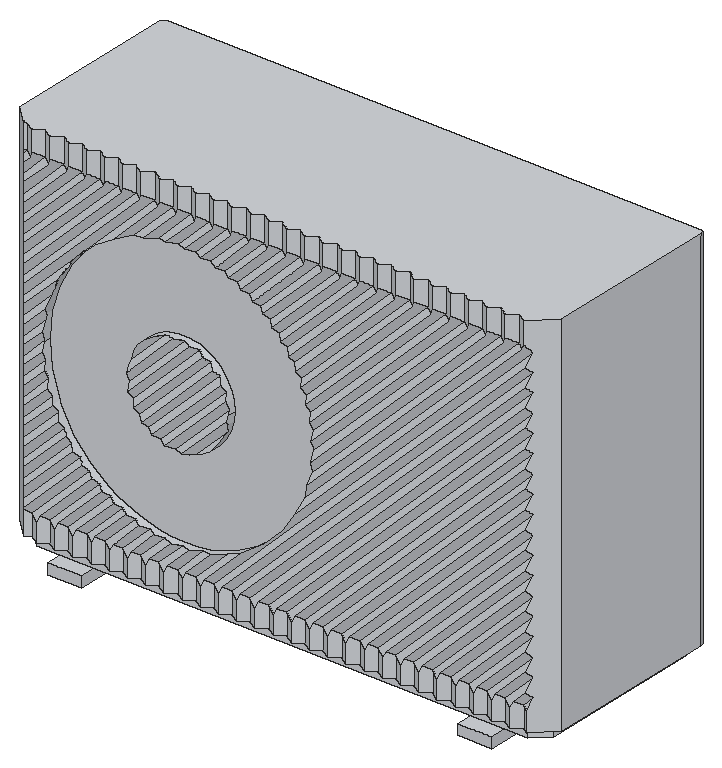
Revit family "HPR10HT", category Mechanical Equipment, Revit 2021 (continued)
Forms (mm)
  Extrusion 68, void
    sketch origin (0, 238, -180) x (-1, 0, 0) y (0, 0, 1)
      loop
        arc (378.025, 860.51) -> (378.025, 842.832) -> (395.703, 842.832) r 12.5
        line (395.703, 842.832) -> (416.916, 864.045)
        arc (416.916, 864.045) -> (416.916, 881.723) -> (399.238, 881.723) r 12.5
        line (399.238, 881.723) -> (378.025, 860.51)
      loop
        arc (440.525, 860.51) -> (440.525, 842.832) -> (458.203, 842.832) r 12.5
        line (458.203, 842.832) -> (479.416, 864.045)
        arc (479.416, 864.045) -> (479.416, 881.723) -> (461.738, 881.723) r 12.5
        line (461.738, 881.723) -> (440.525, 860.51)
      loop
        arc (503.025, 860.51) -> (503.025, 842.832) -> (520.703, 842.832) r 12.5
        line (520.703, 842.832) -> (541.916, 864.045)
        arc (541.916, 864.045) -> (541.916, 881.723) -> (524.238, 881.723) r 12.5
        line (524.238, 881.723) -> (503.025, 860.51)
      loop
        arc (565.525, 860.51) -> (565.525, 842.832) -> (583.203, 842.832) r 12.5
        line (583.203, 842.832) -> (604.416, 864.045)
        arc (604.416, 864.045) -> (604.416, 881.723) -> (586.738, 881.723) r 12.5
        line (586.738, 881.723) -> (565.525, 860.51)
      loop
        arc (190.525, 860.51) -> (190.525, 842.832) -> (208.203, 842.832) r 12.5
        line (208.203, 842.832) -> (229.416, 864.045)
        arc (229.416, 864.045) -> (229.416, 881.723) -> (211.738, 881.723) r 12.5
        line (211.738, 881.723) -> (190.525, 860.51)
      loop
        arc (128.025, 860.51) -> (128.025, 842.832) -> (145.703, 842.832) r 12.5
        line (145.703, 842.832) -> (166.916, 864.045)
        arc (166.916, 864.045) -> (166.916, 881.723) -> (149.238, 881.723) r 12.5
        line (149.238, 881.723) -> (128.025, 860.51)
      loop
        arc (65.525, 860.51) -> (65.525, 842.832) -> (83.203, 842.832) r 12.5
        line (83.203, 842.832) -> (104.416, 864.045)
        arc (104.416, 864.045) -> (104.416, 881.723) -> (86.738, 881.723) r 12.5
        line (86.738, 881.723) -> (65.525, 860.51)
      loop
        arc (3.025, 860.51) -> (3.025, 842.832) -> (20.703, 842.832) r 12.5
        line (20.703, 842.832) -> (41.916, 864.045)
        arc (41.916, 864.045) -> (41.916, 881.723) -> (24.238, 881.723) r 12.5
        line (24.238, 881.723) -> (3.025, 860.51)
      loop
        arc (-59.475, 860.51) -> (-59.475, 842.832) -> (-41.797, 842.832) r 12.5
        line (-41.797, 842.832) -> (-20.584, 864.045)
        arc (-20.584, 864.045) -> (-20.584, 881.723) -> (-38.262, 881.723) r 12.5
        line (-38.262, 881.723) -> (-59.475, 860.51)
      loop
        arc (-121.975, 860.51) -> (-121.975, 842.832) -> (-104.297, 842.832) r 12.5
        line (-104.297, 842.832) -> (-83.084, 864.045)
        arc (-83.084, 864.045) -> (-83.084, 881.723) -> (-100.762, 881.723) r 12.5
        line (-100.762, 881.723) -> (-121.975, 860.51)
    from -25 to 25
  Extrusion 69, void
    sketch origin (0, 238, -240) x (-1, 0, 0) y (0, 0, 1)
      loop
        arc (253.025, 860.51) -> (253.025, 842.832) -> (270.703, 842.832) r 12.5
        line (270.703, 842.832) -> (291.916, 864.045)
        arc (291.916, 864.045) -> (291.916, 881.723) -> (274.238, 881.723) r 12.5
        line (274.238, 881.723) -> (253.025, 860.51)
      loop
        arc (315.525, 860.51) -> (315.525, 842.832) -> (333.203, 842.832) r 12.5
        line (333.203, 842.832) -> (354.416, 864.045)
        arc (354.416, 864.045) -> (354.416, 881.723) -> (336.738, 881.723) r 12.5
        line (336.738, 881.723) -> (315.525, 860.51)
      loop
        arc (378.025, 860.51) -> (378.025, 842.832) -> (395.703, 842.832) r 12.5
        line (395.703, 842.832) -> (416.916, 864.045)
        arc (416.916, 864.045) -> (416.916, 881.723) -> (399.238, 881.723) r 12.5
        line (399.238, 881.723) -> (378.025, 860.51)
      loop
        arc (440.525, 860.51) -> (440.525, 842.832) -> (458.203, 842.832) r 12.5
        line (458.203, 842.832) -> (479.416, 864.045)
        arc (479.416, 864.045) -> (479.416, 881.723) -> (461.738, 881.723) r 12.5
        line (461.738, 881.723) -> (440.525, 860.51)
      loop
        arc (503.025, 860.51) -> (503.025, 842.832) -> (520.703, 842.832) r 12.5
        line (520.703, 842.832) -> (541.916, 864.045)
        arc (541.916, 864.045) -> (541.916, 881.723) -> (524.238, 881.723) r 12.5
        line (524.238, 881.723) -> (503.025, 860.51)
      loop
        arc (565.525, 860.51) -> (565.525, 842.832) -> (583.203, 842.832) r 12.5
        line (583.203, 842.832) -> (604.416, 864.045)
        arc (604.416, 864.045) -> (604.416, 881.723) -> (586.738, 881.723) r 12.5
        line (586.738, 881.723) -> (565.525, 860.51)
      loop
        arc (190.525, 860.51) -> (190.525, 842.832) -> (208.203, 842.832) r 12.5
        line (208.203, 842.832) -> (229.416, 864.045)
        arc (229.416, 864.045) -> (229.416, 881.723) -> (211.738, 881.723) r 12.5
        line (211.738, 881.723) -> (190.525, 860.51)
      loop
        arc (128.025, 860.51) -> (128.025, 842.832) -> (145.703, 842.832) r 12.5
        line (145.703, 842.832) -> (166.916, 864.045)
        arc (166.916, 864.045) -> (166.916, 881.723) -> (149.238, 881.723) r 12.5
        line (149.238, 881.723) -> (128.025, 860.51)
      loop
        arc (65.525, 860.51) -> (65.525, 842.832) -> (83.203, 842.832) r 12.5
        line (83.203, 842.832) -> (104.416, 864.045)
        arc (104.416, 864.045) -> (104.416, 881.723) -> (86.738, 881.723) r 12.5
        line (86.738, 881.723) -> (65.525, 860.51)
      loop
        arc (3.025, 860.51) -> (3.025, 842.832) -> (20.703, 842.832) r 12.5
        line (20.703, 842.832) -> (41.916, 864.045)
        arc (41.916, 864.045) -> (41.916, 881.723) -> (24.238, 881.723) r 12.5
        line (24.238, 881.723) -> (3.025, 860.51)
      loop
        arc (-59.475, 860.51) -> (-59.475, 842.832) -> (-41.797, 842.832) r 12.5
        line (-41.797, 842.832) -> (-20.584, 864.045)
        arc (-20.584, 864.045) -> (-20.584, 881.723) -> (-38.262, 881.723) r 12.5
        line (-38.262, 881.723) -> (-59.475, 860.51)
      loop
        arc (-121.975, 860.51) -> (-121.975, 842.832) -> (-104.297, 842.832) r 12.5
        line (-104.297, 842.832) -> (-83.084, 864.045)
        arc (-83.084, 864.045) -> (-83.084, 881.723) -> (-100.762, 881.723) r 12.5
        line (-100.762, 881.723) -> (-121.975, 860.51)
    from -25 to 25
  Extrusion 70, void
    sketch origin (0, 238, -300) x (-1, 0, 0) y (0, 0, 1)
      loop
        arc (253.025, 860.51) -> (253.025, 842.832) -> (270.703, 842.832) r 12.5
        line (270.703, 842.832) -> (291.916, 864.045)
        arc (291.916, 864.045) -> (291.916, 881.723) -> (274.238, 881.723) r 12.5
        line (274.238, 881.723) -> (253.025, 860.51)
      loop
        arc (315.525, 860.51) -> (315.525, 842.832) -> (333.203, 842.832) r 12.5
        line (333.203, 842.832) -> (354.416, 864.045)
        arc (354.416, 864.045) -> (354.416, 881.723) -> (336.738, 881.723) r 12.5
        line (336.738, 881.723) -> (315.525, 860.51)
      loop
        arc (378.025, 860.51) -> (378.025, 842.832) -> (395.703, 842.832) r 12.5
        line (395.703, 842.832) -> (416.916, 864.045)
        arc (416.916, 864.045) -> (416.916, 881.723) -> (399.238, 881.723) r 12.5
        line (399.238, 881.723) -> (378.025, 860.51)
      loop
        arc (440.525, 860.51) -> (440.525, 842.832) -> (458.203, 842.832) r 12.5
        line (458.203, 842.832) -> (479.416, 864.045)
        arc (479.416, 864.045) -> (479.416, 881.723) -> (461.738, 881.723) r 12.5
        line (461.738, 881.723) -> (440.525, 860.51)
      loop
        arc (503.025, 860.51) -> (503.025, 842.832) -> (520.703, 842.832) r 12.5
        line (520.703, 842.832) -> (541.916, 864.045)
        arc (541.916, 864.045) -> (541.916, 881.723) -> (524.238, 881.723) r 12.5
        line (524.238, 881.723) -> (503.025, 860.51)
      loop
        arc (565.525, 860.51) -> (565.525, 842.832) -> (583.203, 842.832) r 12.5
        line (583.203, 842.832) -> (604.416, 864.045)
        arc (604.416, 864.045) -> (604.416, 881.723) -> (586.738, 881.723) r 12.5
        line (586.738, 881.723) -> (565.525, 860.51)
      loop
        arc (190.525, 860.51) -> (190.525, 842.832) -> (208.203, 842.832) r 12.5
        line (208.203, 842.832) -> (229.416, 864.045)
        arc (229.416, 864.045) -> (229.416, 881.723) -> (211.738, 881.723) r 12.5
        line (211.738, 881.723) -> (190.525, 860.51)
      loop
        arc (128.025, 860.51) -> (128.025, 842.832) -> (145.703, 842.832) r 12.5
        line (145.703, 842.832) -> (166.916, 864.045)
        arc (166.916, 864.045) -> (166.916, 881.723) -> (149.238, 881.723) r 12.5
        line (149.238, 881.723) -> (128.025, 860.51)
      loop
        arc (65.525, 860.51) -> (65.525, 842.832) -> (83.203, 842.832) r 12.5
        line (83.203, 842.832) -> (104.416, 864.045)
        arc (104.416, 864.045) -> (104.416, 881.723) -> (86.738, 881.723) r 12.5
        line (86.738, 881.723) -> (65.525, 860.51)
      loop
        arc (3.025, 860.51) -> (3.025, 842.832) -> (20.703, 842.832) r 12.5
        line (20.703, 842.832) -> (41.916, 864.045)
        arc (41.916, 864.045) -> (41.916, 881.723) -> (24.238, 881.723) r 12.5
        line (24.238, 881.723) -> (3.025, 860.51)
      loop
        arc (-59.475, 860.51) -> (-59.475, 842.832) -> (-41.797, 842.832) r 12.5
        line (-41.797, 842.832) -> (-20.584, 864.045)
        arc (-20.584, 864.045) -> (-20.584, 881.723) -> (-38.262, 881.723) r 12.5
        line (-38.262, 881.723) -> (-59.475, 860.51)
      loop
        arc (-121.975, 860.51) -> (-121.975, 842.832) -> (-104.297, 842.832) r 12.5
        line (-104.297, 842.832) -> (-83.084, 864.045)
        arc (-83.084, 864.045) -> (-83.084, 881.723) -> (-100.762, 881.723) r 12.5
        line (-100.762, 881.723) -> (-121.975, 860.51)
    from -25 to 25
  Extrusion 71, void
    sketch origin (0, 238, -360) x (-1, 0, 0) y (0, 0, 1)
      loop
        arc (253.025, 860.51) -> (253.025, 842.832) -> (270.703, 842.832) r 12.5
        line (270.703, 842.832) -> (291.916, 864.045)
        arc (291.916, 864.045) -> (291.916, 881.723) -> (274.238, 881.723) r 12.5
        line (274.238, 881.723) -> (253.025, 860.51)
      loop
        arc (315.525, 860.51) -> (315.525, 842.832) -> (333.203, 842.832) r 12.5
        line (333.203, 842.832) -> (354.416, 864.045)
        arc (354.416, 864.045) -> (354.416, 881.723) -> (336.738, 881.723) r 12.5
        line (336.738, 881.723) -> (315.525, 860.51)
      loop
        arc (378.025, 860.51) -> (378.025, 842.832) -> (395.703, 842.832) r 12.5
        line (395.703, 842.832) -> (416.916, 864.045)
        arc (416.916, 864.045) -> (416.916, 881.723) -> (399.238, 881.723) r 12.5
        line (399.238, 881.723) -> (378.025, 860.51)
      loop
        arc (440.525, 860.51) -> (440.525, 842.832) -> (458.203, 842.832) r 12.5
        line (458.203, 842.832) -> (479.416, 864.045)
        arc (479.416, 864.045) -> (479.416, 881.723) -> (461.738, 881.723) r 12.5
        line (461.738, 881.723) -> (440.525, 860.51)
      loop
        arc (503.025, 860.51) -> (503.025, 842.832) -> (520.703, 842.832) r 12.5
        line (520.703, 842.832) -> (541.916, 864.045)
        arc (541.916, 864.045) -> (541.916, 881.723) -> (524.238, 881.723) r 12.5
        line (524.238, 881.723) -> (503.025, 860.51)
      loop
        arc (565.525, 860.51) -> (565.525, 842.832) -> (583.203, 842.832) r 12.5
        line (583.203, 842.832) -> (604.416, 864.045)
        arc (604.416, 864.045) -> (604.416, 881.723) -> (586.738, 881.723) r 12.5
        line (586.738, 881.723) -> (565.525, 860.51)
      loop
        arc (190.525, 860.51) -> (190.525, 842.832) -> (208.203, 842.832) r 12.5
        line (208.203, 842.832) -> (229.416, 864.045)
        arc (229.416, 864.045) -> (229.416, 881.723) -> (211.738, 881.723) r 12.5
        line (211.738, 881.723) -> (190.525, 860.51)
      loop
        arc (128.025, 860.51) -> (128.025, 842.832) -> (145.703, 842.832) r 12.5
        line (145.703, 842.832) -> (166.916, 864.045)
        arc (166.916, 864.045) -> (166.916, 881.723) -> (149.238, 881.723) r 12.5
        line (149.238, 881.723) -> (128.025, 860.51)
      loop
        arc (65.525, 860.51) -> (65.525, 842.832) -> (83.203, 842.832) r 12.5
        line (83.203, 842.832) -> (104.416, 864.045)
        arc (104.416, 864.045) -> (104.416, 881.723) -> (86.738, 881.723) r 12.5
        line (86.738, 881.723) -> (65.525, 860.51)
      loop
        arc (3.025, 860.51) -> (3.025, 842.832) -> (20.703, 842.832) r 12.5
        line (20.703, 842.832) -> (41.916, 864.045)
        arc (41.916, 864.045) -> (41.916, 881.723) -> (24.238, 881.723) r 12.5
        line (24.238, 881.723) -> (3.025, 860.51)
      loop
        arc (-59.475, 860.51) -> (-59.475, 842.832) -> (-41.797, 842.832) r 12.5
        line (-41.797, 842.832) -> (-20.584, 864.045)
        arc (-20.584, 864.045) -> (-20.584, 881.723) -> (-38.262, 881.723) r 12.5
        line (-38.262, 881.723) -> (-59.475, 860.51)
      loop
        arc (-121.975, 860.51) -> (-121.975, 842.832) -> (-104.297, 842.832) r 12.5
        line (-104.297, 842.832) -> (-83.084, 864.045)
        arc (-83.084, 864.045) -> (-83.084, 881.723) -> (-100.762, 881.723) r 12.5
        line (-100.762, 881.723) -> (-121.975, 860.51)
    from -25 to 25
  Extrusion 72, void
    sketch origin (0, 238, -420) x (-1, 0, 0) y (0, 0, 1)
      loop
        arc (253.025, 860.51) -> (253.025, 842.832) -> (270.703, 842.832) r 12.5
        line (270.703, 842.832) -> (291.916, 864.045)
        arc (291.916, 864.045) -> (291.916, 881.723) -> (274.238, 881.723) r 12.5
        line (274.238, 881.723) -> (253.025, 860.51)
      loop
        arc (315.525, 860.51) -> (315.525, 842.832) -> (333.203, 842.832) r 12.5
        line (333.203, 842.832) -> (354.416, 864.045)
        arc (354.416, 864.045) -> (354.416, 881.723) -> (336.738, 881.723) r 12.5
        line (336.738, 881.723) -> (315.525, 860.51)
      loop
        arc (378.025, 860.51) -> (378.025, 842.832) -> (395.703, 842.832) r 12.5
        line (395.703, 842.832) -> (416.916, 864.045)
        arc (416.916, 864.045) -> (416.916, 881.723) -> (399.238, 881.723) r 12.5
        line (399.238, 881.723) -> (378.025, 860.51)
      loop
        arc (440.525, 860.51) -> (440.525, 842.832) -> (458.203, 842.832) r 12.5
        line (458.203, 842.832) -> (479.416, 864.045)
        arc (479.416, 864.045) -> (479.416, 881.723) -> (461.738, 881.723) r 12.5
        line (461.738, 881.723) -> (440.525, 860.51)
      loop
        arc (503.025, 860.51) -> (503.025, 842.832) -> (520.703, 842.832) r 12.5
        line (520.703, 842.832) -> (541.916, 864.045)
        arc (541.916, 864.045) -> (541.916, 881.723) -> (524.238, 881.723) r 12.5
        line (524.238, 881.723) -> (503.025, 860.51)
      loop
        arc (565.525, 860.51) -> (565.525, 842.832) -> (583.203, 842.832) r 12.5
        line (583.203, 842.832) -> (604.416, 864.045)
        arc (604.416, 864.045) -> (604.416, 881.723) -> (586.738, 881.723) r 12.5
        line (586.738, 881.723) -> (565.525, 860.51)
      loop
        arc (190.525, 860.51) -> (190.525, 842.832) -> (208.203, 842.832) r 12.5
        line (208.203, 842.832) -> (229.416, 864.045)
        arc (229.416, 864.045) -> (229.416, 881.723) -> (211.738, 881.723) r 12.5
        line (211.738, 881.723) -> (190.525, 860.51)
      loop
        arc (128.025, 860.51) -> (128.025, 842.832) -> (145.703, 842.832) r 12.5
        line (145.703, 842.832) -> (166.916, 864.045)
        arc (166.916, 864.045) -> (166.916, 881.723) -> (149.238, 881.723) r 12.5
        line (149.238, 881.723) -> (128.025, 860.51)
      loop
        arc (65.525, 860.51) -> (65.525, 842.832) -> (83.203, 842.832) r 12.5
        line (83.203, 842.832) -> (104.416, 864.045)
        arc (104.416, 864.045) -> (104.416, 881.723) -> (86.738, 881.723) r 12.5
        line (86.738, 881.723) -> (65.525, 860.51)
      loop
        arc (3.025, 860.51) -> (3.025, 842.832) -> (20.703, 842.832) r 12.5
        line (20.703, 842.832) -> (41.916, 864.045)
        arc (41.916, 864.045) -> (41.916, 881.723) -> (24.238, 881.723) r 12.5
        line (24.238, 881.723) -> (3.025, 860.51)
      loop
        arc (-59.475, 860.51) -> (-59.475, 842.832) -> (-41.797, 842.832) r 12.5
        line (-41.797, 842.832) -> (-20.584, 864.045)
        arc (-20.584, 864.045) -> (-20.584, 881.723) -> (-38.262, 881.723) r 12.5
        line (-38.262, 881.723) -> (-59.475, 860.51)
      loop
        arc (-121.975, 860.51) -> (-121.975, 842.832) -> (-104.297, 842.832) r 12.5
        line (-104.297, 842.832) -> (-83.084, 864.045)
        arc (-83.084, 864.045) -> (-83.084, 881.723) -> (-100.762, 881.723) r 12.5
        line (-100.762, 881.723) -> (-121.975, 860.51)
    from -25 to 25
  Extrusion 73, void
    sketch origin (0, 238, -480) x (-1, 0, 0) y (0, 0, 1)
      loop
        arc (253.025, 860.51) -> (253.025, 842.832) -> (270.703, 842.832) r 12.5
        line (270.703, 842.832) -> (291.916, 864.045)
        arc (291.916, 864.045) -> (291.916, 881.723) -> (274.238, 881.723) r 12.5
        line (274.238, 881.723) -> (253.025, 860.51)
      loop
        arc (315.525, 860.51) -> (315.525, 842.832) -> (333.203, 842.832) r 12.5
        line (333.203, 842.832) -> (354.416, 864.045)
        arc (354.416, 864.045) -> (354.416, 881.723) -> (336.738, 881.723) r 12.5
        line (336.738, 881.723) -> (315.525, 860.51)
      loop
        arc (378.025, 860.51) -> (378.025, 842.832) -> (395.703, 842.832) r 12.5
        line (395.703, 842.832) -> (416.916, 864.045)
        arc (416.916, 864.045) -> (416.916, 881.723) -> (399.238, 881.723) r 12.5
        line (399.238, 881.723) -> (378.025, 860.51)
      loop
        arc (440.525, 860.51) -> (440.525, 842.832) -> (458.203, 842.832) r 12.5
        line (458.203, 842.832) -> (479.416, 864.045)
        arc (479.416, 864.045) -> (479.416, 881.723) -> (461.738, 881.723) r 12.5
        line (461.738, 881.723) -> (440.525, 860.51)
      loop
        arc (503.025, 860.51) -> (503.025, 842.832) -> (520.703, 842.832) r 12.5
        line (520.703, 842.832) -> (541.916, 864.045)
        arc (541.916, 864.045) -> (541.916, 881.723) -> (524.238, 881.723) r 12.5
        line (524.238, 881.723) -> (503.025, 860.51)
      loop
        arc (565.525, 860.51) -> (565.525, 842.832) -> (583.203, 842.832) r 12.5
        line (583.203, 842.832) -> (604.416, 864.045)
        arc (604.416, 864.045) -> (604.416, 881.723) -> (586.738, 881.723) r 12.5
        line (586.738, 881.723) -> (565.525, 860.51)
      loop
        arc (190.525, 860.51) -> (190.525, 842.832) -> (208.203, 842.832) r 12.5
        line (208.203, 842.832) -> (229.416, 864.045)
        arc (229.416, 864.045) -> (229.416, 881.723) -> (211.738, 881.723) r 12.5
        line (211.738, 881.723) -> (190.525, 860.51)
      loop
        arc (128.025, 860.51) -> (128.025, 842.832) -> (145.703, 842.832) r 12.5
        line (145.703, 842.832) -> (166.916, 864.045)
        arc (166.916, 864.045) -> (166.916, 881.723) -> (149.238, 881.723) r 12.5
        line (149.238, 881.723) -> (128.025, 860.51)
      loop
        arc (65.525, 860.51) -> (65.525, 842.832) -> (83.203, 842.832) r 12.5
        line (83.203, 842.832) -> (104.416, 864.045)
        arc (104.416, 864.045) -> (104.416, 881.723) -> (86.738, 881.723) r 12.5
        line (86.738, 881.723) -> (65.525, 860.51)
      loop
        arc (3.025, 860.51) -> (3.025, 842.832) -> (20.703, 842.832) r 12.5
        line (20.703, 842.832) -> (41.916, 864.045)
        arc (41.916, 864.045) -> (41.916, 881.723) -> (24.238, 881.723) r 12.5
        line (24.238, 881.723) -> (3.025, 860.51)
      loop
        arc (-59.475, 860.51) -> (-59.475, 842.832) -> (-41.797, 842.832) r 12.5
        line (-41.797, 842.832) -> (-20.584, 864.045)
        arc (-20.584, 864.045) -> (-20.584, 881.723) -> (-38.262, 881.723) r 12.5
        line (-38.262, 881.723) -> (-59.475, 860.51)
      loop
        arc (-121.975, 860.51) -> (-121.975, 842.832) -> (-104.297, 842.832) r 12.5
        line (-104.297, 842.832) -> (-83.084, 864.045)
        arc (-83.084, 864.045) -> (-83.084, 881.723) -> (-100.762, 881.723) r 12.5
        line (-100.762, 881.723) -> (-121.975, 860.51)
    from -25 to 25
  Extrusion 74, void
    sketch origin (0, 238, -540) x (-1, 0, 0) y (0, 0, 1)
      loop
        arc (253.025, 860.51) -> (253.025, 842.832) -> (270.703, 842.832) r 12.5
        line (270.703, 842.832) -> (291.916, 864.045)
        arc (291.916, 864.045) -> (291.916, 881.723) -> (274.238, 881.723) r 12.5
        line (274.238, 881.723) -> (253.025, 860.51)
      loop
        arc (315.525, 860.51) -> (315.525, 842.832) -> (333.203, 842.832) r 12.5
        line (333.203, 842.832) -> (354.416, 864.045)
        arc (354.416, 864.045) -> (354.416, 881.723) -> (336.738, 881.723) r 12.5
        line (336.738, 881.723) -> (315.525, 860.51)
      loop
        arc (378.025, 860.51) -> (378.025, 842.832) -> (395.703, 842.832) r 12.5
        line (395.703, 842.832) -> (416.916, 864.045)
        arc (416.916, 864.045) -> (416.916, 881.723) -> (399.238, 881.723) r 12.5
        line (399.238, 881.723) -> (378.025, 860.51)
      loop
        arc (440.525, 860.51) -> (440.525, 842.832) -> (458.203, 842.832) r 12.5
        line (458.203, 842.832) -> (479.416, 864.045)
        arc (479.416, 864.045) -> (479.416, 881.723) -> (461.738, 881.723) r 12.5
        line (461.738, 881.723) -> (440.525, 860.51)
      loop
        arc (503.025, 860.51) -> (503.025, 842.832) -> (520.703, 842.832) r 12.5
        line (520.703, 842.832) -> (541.916, 864.045)
        arc (541.916, 864.045) -> (541.916, 881.723) -> (524.238, 881.723) r 12.5
        line (524.238, 881.723) -> (503.025, 860.51)
      loop
        arc (565.525, 860.51) -> (565.525, 842.832) -> (583.203, 842.832) r 12.5
        line (583.203, 842.832) -> (604.416, 864.045)
        arc (604.416, 864.045) -> (604.416, 881.723) -> (586.738, 881.723) r 12.5
        line (586.738, 881.723) -> (565.525, 860.51)
      loop
        arc (190.525, 860.51) -> (190.525, 842.832) -> (208.203, 842.832) r 12.5
        line (208.203, 842.832) -> (229.416, 864.045)
        arc (229.416, 864.045) -> (229.416, 881.723) -> (211.738, 881.723) r 12.5
        line (211.738, 881.723) -> (190.525, 860.51)
      loop
        arc (128.025, 860.51) -> (128.025, 842.832) -> (145.703, 842.832) r 12.5
        line (145.703, 842.832) -> (166.916, 864.045)
        arc (166.916, 864.045) -> (166.916, 881.723) -> (149.238, 881.723) r 12.5
        line (149.238, 881.723) -> (128.025, 860.51)
      loop
        arc (65.525, 860.51) -> (65.525, 842.832) -> (83.203, 842.832) r 12.5
        line (83.203, 842.832) -> (104.416, 864.045)
        arc (104.416, 864.045) -> (104.416, 881.723) -> (86.738, 881.723) r 12.5
        line (86.738, 881.723) -> (65.525, 860.51)
      loop
        arc (3.025, 860.51) -> (3.025, 842.832) -> (20.703, 842.832) r 12.5
        line (20.703, 842.832) -> (41.916, 864.045)
        arc (41.916, 864.045) -> (41.916, 881.723) -> (24.238, 881.723) r 12.5
        line (24.238, 881.723) -> (3.025, 860.51)
      loop
        arc (-59.475, 860.51) -> (-59.475, 842.832) -> (-41.797, 842.832) r 12.5
        line (-41.797, 842.832) -> (-20.584, 864.045)
        arc (-20.584, 864.045) -> (-20.584, 881.723) -> (-38.262, 881.723) r 12.5
        line (-38.262, 881.723) -> (-59.475, 860.51)
      loop
        arc (-121.975, 860.51) -> (-121.975, 842.832) -> (-104.297, 842.832) r 12.5
        line (-104.297, 842.832) -> (-83.084, 864.045)
        arc (-83.084, 864.045) -> (-83.084, 881.723) -> (-100.762, 881.723) r 12.5
        line (-100.762, 881.723) -> (-121.975, 860.51)
    from -25 to 25
  Extrusion 75, void
    sketch origin (0, 238, -600) x (-1, 0, 0) y (0, 0, 1)
      loop
        arc (253.025, 860.51) -> (253.025, 842.832) -> (270.703, 842.832) r 12.5
        line (270.703, 842.832) -> (291.916, 864.045)
        arc (291.916, 864.045) -> (291.916, 881.723) -> (274.238, 881.723) r 12.5
        line (274.238, 881.723) -> (253.025, 860.51)
      loop
        arc (315.525, 860.51) -> (315.525, 842.832) -> (333.203, 842.832) r 12.5
        line (333.203, 842.832) -> (354.416, 864.045)
        arc (354.416, 864.045) -> (354.416, 881.723) -> (336.738, 881.723) r 12.5
        line (336.738, 881.723) -> (315.525, 860.51)
      loop
        arc (378.025, 860.51) -> (378.025, 842.832) -> (395.703, 842.832) r 12.5
        line (395.703, 842.832) -> (416.916, 864.045)
        arc (416.916, 864.045) -> (416.916, 881.723) -> (399.238, 881.723) r 12.5
        line (399.238, 881.723) -> (378.025, 860.51)
      loop
        arc (440.525, 860.51) -> (440.525, 842.832) -> (458.203, 842.832) r 12.5
        line (458.203, 842.832) -> (479.416, 864.045)
        arc (479.416, 864.045) -> (479.416, 881.723) -> (461.738, 881.723) r 12.5
        line (461.738, 881.723) -> (440.525, 860.51)
      loop
        arc (503.025, 860.51) -> (503.025, 842.832) -> (520.703, 842.832) r 12.5
        line (520.703, 842.832) -> (541.916, 864.045)
        arc (541.916, 864.045) -> (541.916, 881.723) -> (524.238, 881.723) r 12.5
        line (524.238, 881.723) -> (503.025, 860.51)
      loop
        arc (565.525, 860.51) -> (565.525, 842.832) -> (583.203, 842.832) r 12.5
        line (583.203, 842.832) -> (604.416, 864.045)
        arc (604.416, 864.045) -> (604.416, 881.723) -> (586.738, 881.723) r 12.5
        line (586.738, 881.723) -> (565.525, 860.51)
      loop
        arc (190.525, 860.51) -> (190.525, 842.832) -> (208.203, 842.832) r 12.5
        line (208.203, 842.832) -> (229.416, 864.045)
        arc (229.416, 864.045) -> (229.416, 881.723) -> (211.738, 881.723) r 12.5
        line (211.738, 881.723) -> (190.525, 860.51)
      loop
        arc (128.025, 860.51) -> (128.025, 842.832) -> (145.703, 842.832) r 12.5
        line (145.703, 842.832) -> (166.916, 864.045)
        arc (166.916, 864.045) -> (166.916, 881.723) -> (149.238, 881.723) r 12.5
        line (149.238, 881.723) -> (128.025, 860.51)
      loop
        arc (65.525, 860.51) -> (65.525, 842.832) -> (83.203, 842.832) r 12.5
        line (83.203, 842.832) -> (104.416, 864.045)
        arc (104.416, 864.045) -> (104.416, 881.723) -> (86.738, 881.723) r 12.5
        line (86.738, 881.723) -> (65.525, 860.51)
      loop
        arc (3.025, 860.51) -> (3.025, 842.832) -> (20.703, 842.832) r 12.5
        line (20.703, 842.832) -> (41.916, 864.045)
        arc (41.916, 864.045) -> (41.916, 881.723) -> (24.238, 881.723) r 12.5
        line (24.238, 881.723) -> (3.025, 860.51)
      loop
        arc (-59.475, 860.51) -> (-59.475, 842.832) -> (-41.797, 842.832) r 12.5
        line (-41.797, 842.832) -> (-20.584, 864.045)
        arc (-20.584, 864.045) -> (-20.584, 881.723) -> (-38.262, 881.723) r 12.5
        line (-38.262, 881.723) -> (-59.475, 860.51)
      loop
        arc (-121.975, 860.51) -> (-121.975, 842.832) -> (-104.297, 842.832) r 12.5
        line (-104.297, 842.832) -> (-83.084, 864.045)
        arc (-83.084, 864.045) -> (-83.084, 881.723) -> (-100.762, 881.723) r 12.5
        line (-100.762, 881.723) -> (-121.975, 860.51)
    from -25 to 25
  Extrusion 76, void
    sketch origin (0, 238, -660) x (-1, 0, 0) y (0, 0, 1)
      loop
        arc (253.025, 860.51) -> (253.025, 842.832) -> (270.703, 842.832) r 12.5
        line (270.703, 842.832) -> (291.916, 864.045)
        arc (291.916, 864.045) -> (291.916, 881.723) -> (274.238, 881.723) r 12.5
        line (274.238, 881.723) -> (253.025, 860.51)
      loop
        arc (315.525, 860.51) -> (315.525, 842.832) -> (333.203, 842.832) r 12.5
        line (333.203, 842.832) -> (354.416, 864.045)
        arc (354.416, 864.045) -> (354.416, 881.723) -> (336.738, 881.723) r 12.5
        line (336.738, 881.723) -> (315.525, 860.51)
      loop
        arc (378.025, 860.51) -> (378.025, 842.832) -> (395.703, 842.832) r 12.5
        line (395.703, 842.832) -> (416.916, 864.045)
        arc (416.916, 864.045) -> (416.916, 881.723) -> (399.238, 881.723) r 12.5
        line (399.238, 881.723) -> (378.025, 860.51)
      loop
        arc (440.525, 860.51) -> (440.525, 842.832) -> (458.203, 842.832) r 12.5
        line (458.203, 842.832) -> (479.416, 864.045)
        arc (479.416, 864.045) -> (479.416, 881.723) -> (461.738, 881.723) r 12.5
        line (461.738, 881.723) -> (440.525, 860.51)
      loop
        arc (503.025, 860.51) -> (503.025, 842.832) -> (520.703, 842.832) r 12.5
        line (520.703, 842.832) -> (541.916, 864.045)
        arc (541.916, 864.045) -> (541.916, 881.723) -> (524.238, 881.723) r 12.5
        line (524.238, 881.723) -> (503.025, 860.51)
      loop
        arc (565.525, 860.51) -> (565.525, 842.832) -> (583.203, 842.832) r 12.5
        line (583.203, 842.832) -> (604.416, 864.045)
        arc (604.416, 864.045) -> (604.416, 881.723) -> (586.738, 881.723) r 12.5
        line (586.738, 881.723) -> (565.525, 860.51)
      loop
        arc (190.525, 860.51) -> (190.525, 842.832) -> (208.203, 842.832) r 12.5
        line (208.203, 842.832) -> (229.416, 864.045)
        arc (229.416, 864.045) -> (229.416, 881.723) -> (211.738, 881.723) r 12.5
        line (211.738, 881.723) -> (190.525, 860.51)
      loop
        arc (128.025, 860.51) -> (128.025, 842.832) -> (145.703, 842.832) r 12.5
        line (145.703, 842.832) -> (166.916, 864.045)
        arc (166.916, 864.045) -> (166.916, 881.723) -> (149.238, 881.723) r 12.5
        line (149.238, 881.723) -> (128.025, 860.51)
      loop
        arc (65.525, 860.51) -> (65.525, 842.832) -> (83.203, 842.832) r 12.5
        line (83.203, 842.832) -> (104.416, 864.045)
        arc (104.416, 864.045) -> (104.416, 881.723) -> (86.738, 881.723) r 12.5
        line (86.738, 881.723) -> (65.525, 860.51)
      loop
        arc (3.025, 860.51) -> (3.025, 842.832) -> (20.703, 842.832) r 12.5
        line (20.703, 842.832) -> (41.916, 864.045)
        arc (41.916, 864.045) -> (41.916, 881.723) -> (24.238, 881.723) r 12.5
        line (24.238, 881.723) -> (3.025, 860.51)
      loop
        arc (-59.475, 860.51) -> (-59.475, 842.832) -> (-41.797, 842.832) r 12.5
        line (-41.797, 842.832) -> (-20.584, 864.045)
        arc (-20.584, 864.045) -> (-20.584, 881.723) -> (-38.262, 881.723) r 12.5
        line (-38.262, 881.723) -> (-59.475, 860.51)
      loop
        arc (-121.975, 860.51) -> (-121.975, 842.832) -> (-104.297, 842.832) r 12.5
        line (-104.297, 842.832) -> (-83.084, 864.045)
        arc (-83.084, 864.045) -> (-83.084, 881.723) -> (-100.762, 881.723) r 12.5
        line (-100.762, 881.723) -> (-121.975, 860.51)
    from -25 to 25
  Extrusion 77, void
    sketch origin (0, 238, -720) x (-1, 0, 0) y (0, 0, 1)
      loop
        arc (253.025, 860.51) -> (253.025, 842.832) -> (270.703, 842.832) r 12.5
        line (270.703, 842.832) -> (291.916, 864.045)
        arc (291.916, 864.045) -> (291.916, 881.723) -> (274.238, 881.723) r 12.5
        line (274.238, 881.723) -> (253.025, 860.51)
      loop
        arc (315.525, 860.51) -> (315.525, 842.832) -> (333.203, 842.832) r 12.5
        line (333.203, 842.832) -> (354.416, 864.045)
        arc (354.416, 864.045) -> (354.416, 881.723) -> (336.738, 881.723) r 12.5
        line (336.738, 881.723) -> (315.525, 860.51)
      loop
        arc (378.025, 860.51) -> (378.025, 842.832) -> (395.703, 842.832) r 12.5
        line (395.703, 842.832) -> (416.916, 864.045)
        arc (416.916, 864.045) -> (416.916, 881.723) -> (399.238, 881.723) r 12.5
        line (399.238, 881.723) -> (378.025, 860.51)
      loop
        arc (440.525, 860.51) -> (440.525, 842.832) -> (458.203, 842.832) r 12.5
        line (458.203, 842.832) -> (479.416, 864.045)
        arc (479.416, 864.045) -> (479.416, 881.723) -> (461.738, 881.723) r 12.5
        line (461.738, 881.723) -> (440.525, 860.51)
      loop
        arc (503.025, 860.51) -> (503.025, 842.832) -> (520.703, 842.832) r 12.5
        line (520.703, 842.832) -> (541.916, 864.045)
        arc (541.916, 864.045) -> (541.916, 881.723) -> (524.238, 881.723) r 12.5
        line (524.238, 881.723) -> (503.025, 860.51)
      loop
        arc (565.525, 860.51) -> (565.525, 842.832) -> (583.203, 842.832) r 12.5
        line (583.203, 842.832) -> (604.416, 864.045)
        arc (604.416, 864.045) -> (604.416, 881.723) -> (586.738, 881.723) r 12.5
        line (586.738, 881.723) -> (565.525, 860.51)
      loop
        arc (190.525, 860.51) -> (190.525, 842.832) -> (208.203, 842.832) r 12.5
        line (208.203, 842.832) -> (229.416, 864.045)
        arc (229.416, 864.045) -> (229.416, 881.723) -> (211.738, 881.723) r 12.5
        line (211.738, 881.723) -> (190.525, 860.51)
      loop
        arc (128.025, 860.51) -> (128.025, 842.832) -> (145.703, 842.832) r 12.5
        line (145.703, 842.832) -> (166.916, 864.045)
        arc (166.916, 864.045) -> (166.916, 881.723) -> (149.238, 881.723) r 12.5
        line (149.238, 881.723) -> (128.025, 860.51)
      loop
        arc (65.525, 860.51) -> (65.525, 842.832) -> (83.203, 842.832) r 12.5
        line (83.203, 842.832) -> (104.416, 864.045)
        arc (104.416, 864.045) -> (104.416, 881.723) -> (86.738, 881.723) r 12.5
        line (86.738, 881.723) -> (65.525, 860.51)
      loop
        arc (3.025, 860.51) -> (3.025, 842.832) -> (20.703, 842.832) r 12.5
        line (20.703, 842.832) -> (41.916, 864.045)
        arc (41.916, 864.045) -> (41.916, 881.723) -> (24.238, 881.723) r 12.5
        line (24.238, 881.723) -> (3.025, 860.51)
      loop
        arc (-59.475, 860.51) -> (-59.475, 842.832) -> (-41.797, 842.832) r 12.5
        line (-41.797, 842.832) -> (-20.584, 864.045)
        arc (-20.584, 864.045) -> (-20.584, 881.723) -> (-38.262, 881.723) r 12.5
        line (-38.262, 881.723) -> (-59.475, 860.51)
      loop
        arc (-121.975, 860.51) -> (-121.975, 842.832) -> (-104.297, 842.832) r 12.5
        line (-104.297, 842.832) -> (-83.084, 864.045)
        arc (-83.084, 864.045) -> (-83.084, 881.723) -> (-100.762, 881.723) r 12.5
        line (-100.762, 881.723) -> (-121.975, 860.51)
    from -25 to 25
  Extrusion 78, void
    sketch origin (0, 238, -780) x (-1, 0, 0) y (0, 0, 1)
      loop
        arc (253.025, 860.51) -> (253.025, 842.832) -> (270.703, 842.832) r 12.5
        line (270.703, 842.832) -> (291.916, 864.045)
        arc (291.916, 864.045) -> (291.916, 881.723) -> (274.238, 881.723) r 12.5
        line (274.238, 881.723) -> (253.025, 860.51)
      loop
        arc (315.525, 860.51) -> (315.525, 842.832) -> (333.203, 842.832) r 12.5
        line (333.203, 842.832) -> (354.416, 864.045)
        arc (354.416, 864.045) -> (354.416, 881.723) -> (336.738, 881.723) r 12.5
        line (336.738, 881.723) -> (315.525, 860.51)
      loop
        arc (378.025, 860.51) -> (378.025, 842.832) -> (395.703, 842.832) r 12.5
        line (395.703, 842.832) -> (416.916, 864.045)
        arc (416.916, 864.045) -> (416.916, 881.723) -> (399.238, 881.723) r 12.5
        line (399.238, 881.723) -> (378.025, 860.51)
      loop
        arc (440.525, 860.51) -> (440.525, 842.832) -> (458.203, 842.832) r 12.5
        line (458.203, 842.832) -> (479.416, 864.045)
        arc (479.416, 864.045) -> (479.416, 881.723) -> (461.738, 881.723) r 12.5
        line (461.738, 881.723) -> (440.525, 860.51)
      loop
        arc (503.025, 860.51) -> (503.025, 842.832) -> (520.703, 842.832) r 12.5
        line (520.703, 842.832) -> (541.916, 864.045)
        arc (541.916, 864.045) -> (541.916, 881.723) -> (524.238, 881.723) r 12.5
        line (524.238, 881.723) -> (503.025, 860.51)
      loop
        arc (565.525, 860.51) -> (565.525, 842.832) -> (583.203, 842.832) r 12.5
        line (583.203, 842.832) -> (604.416, 864.045)
        arc (604.416, 864.045) -> (604.416, 881.723) -> (586.738, 881.723) r 12.5
        line (586.738, 881.723) -> (565.525, 860.51)
      loop
        arc (190.525, 860.51) -> (190.525, 842.832) -> (208.203, 842.832) r 12.5
        line (208.203, 842.832) -> (229.416, 864.045)
        arc (229.416, 864.045) -> (229.416, 881.723) -> (211.738, 881.723) r 12.5
        line (211.738, 881.723) -> (190.525, 860.51)
      loop
        arc (128.025, 860.51) -> (128.025, 842.832) -> (145.703, 842.832) r 12.5
        line (145.703, 842.832) -> (166.916, 864.045)
        arc (166.916, 864.045) -> (166.916, 881.723) -> (149.238, 881.723) r 12.5
        line (149.238, 881.723) -> (128.025, 860.51)
      loop
        arc (65.525, 860.51) -> (65.525, 842.832) -> (83.203, 842.832) r 12.5
        line (83.203, 842.832) -> (104.416, 864.045)
        arc (104.416, 864.045) -> (104.416, 881.723) -> (86.738, 881.723) r 12.5
        line (86.738, 881.723) -> (65.525, 860.51)
      loop
        arc (3.025, 860.51) -> (3.025, 842.832) -> (20.703, 842.832) r 12.5
        line (20.703, 842.832) -> (41.916, 864.045)
        arc (41.916, 864.045) -> (41.916, 881.723) -> (24.238, 881.723) r 12.5
        line (24.238, 881.723) -> (3.025, 860.51)
      loop
        arc (-59.475, 860.51) -> (-59.475, 842.832) -> (-41.797, 842.832) r 12.5
        line (-41.797, 842.832) -> (-20.584, 864.045)
        arc (-20.584, 864.045) -> (-20.584, 881.723) -> (-38.262, 881.723) r 12.5
        line (-38.262, 881.723) -> (-59.475, 860.51)
      loop
        arc (-121.975, 860.51) -> (-121.975, 842.832) -> (-104.297, 842.832) r 12.5
        line (-104.297, 842.832) -> (-83.084, 864.045)
        arc (-83.084, 864.045) -> (-83.084, 881.723) -> (-100.762, 881.723) r 12.5
        line (-100.762, 881.723) -> (-121.975, 860.51)
    from -25 to 25
  Extrusion 79, solid
    sketch origin (0, 0, 0) x (1, 0, 0) y (0, 1, 0)
      loop
        line (-610.533, 199.219) -> (-610.533, -190.781) -> (594.467, -190.781) -> (594.467, 199.219) -> (-610.533, 199.219)
    from 50 to 887.925
  Sweep 80, solid
    path origin (0, 0, 0) x (1, 0, 0) y (0, 1, 0)
      loop
        line (0, -250) -> (0, 250)
    profile origin (0, 0, 0) x (-1, 0, 0) y (0, 0, 1)
      loop
        line (527.5, 25) -> (447.5, 25) -> (447.5, 0) -> (527.5, 0) -> (527.5, 25)
      loop
        line (-527.5, 25) -> (-527.5, 0) -> (-447.5, 0) -> (-447.5, 25) -> (-527.5, 25)
  Extrusion 81, solid
    sketch origin (0, 238, 0) x (-1, 0, 0) y (0, 0, 1)
      loop
        circle (-518.5, 363) r 12.5
      loop
        circle (-518.5, 601) r 12.5
    from -25 to 25
  Extrusion 82, solid
    sketch origin (0, 238, 0) x (-1, 0, 0) y (0, 0, 1)
      loop
        circle (-515.068, 846.43) r 5
      loop
        circle (-515.843, 816.121) r 5
    from -25 to 10
Cuts and joins
  Sweep 2, Sweep 3, Sweep 4, Sweep 5, Sweep 6, Sweep 7, Sweep 8, Sweep 9, Sweep 10, Sweep 11, Sweep 12, Sweep 13, Sweep 14, Sweep 15, Sweep 16, Sweep 17, Sweep 18, Sweep 19, Sweep 20, Sweep 21, Sweep 22, Sweep 23, Sweep 24, Sweep 25, Sweep 26, Sweep 27, Sweep 28, Sweep 29, Sweep 30, Sweep 31, Sweep 32, Sweep 33, Sweep 34, Sweep 35, Sweep 36, Sweep 37, Sweep 38, Sweep 39, Sweep 40, Sweep 41, Sweep 42, Sweep 43, Sweep 44, Sweep 45, Sweep 46, Sweep 47, Extrusion 48, Extrusion 49, Extrusion 50, Extrusion 51, Extrusion 52, Extrusion 53, Extrusion 54, Extrusion 55, Extrusion 56, Extrusion 57, Extrusion 58, Extrusion 59, Extrusion 60, Extrusion 61, Extrusion 64, Extrusion 65, Extrusion 66, Extrusion 67, Extrusion 68, Extrusion 69, Extrusion 70, Extrusion 71, Extrusion 72, Extrusion 73, Extrusion 74, Extrusion 75, Extrusion 76, Extrusion 77, Extrusion 78 cuts Extrusion 1
  Extrusion 64, Extrusion 65, Extrusion 66, Extrusion 67, Extrusion 68, Extrusion 69, Extrusion 70, Extrusion 71, Extrusion 72, Extrusion 73, Extrusion 74, Extrusion 75, Extrusion 76, Extrusion 77, Extrusion 78 cuts Extrusion 62
  joined: Extrusion 1, Extrusion 62, Extrusion 81, Extrusion 82
Dimensions and locks
  equal spacing: plane 4 "BACK", plane 1 "Center (Front/Back)", plane 5 "front"
  "Width": plane 4 "BACK" to plane 5 "front"
  equal spacing: plane 6 "LEFT", plane 3 "Center (Left/Right)", plane 7
  "Length": plane 6 "LEFT" to plane 7
  Extrusion 1 sketch curve to plane 5 "front" = 50.0 mm  (x2)
  Extrusion 1 sketch curve to plane 7 = 50.0 mm
  plane 6 "LEFT" to Extrusion 1 sketch curve = 50.0 mm
  "Overall Height": plane 8 "TOP" to level
  equal spacing: plane 9, plane 1 "Center (Front/Back)", plane 10
  "Overal Width": plane 9 to plane 10
  plane 7 to Extrusion 81 sketch curve = 125.0 mm
  level to Extrusion 81 sketch curve = 363.0 mm
  Extrusion 81 sketch curve to Extrusion 81 sketch curve = 238.0 mm
  equal spacing: plane 11, plane 3 "Center (Left/Right)", plane 12
  "Base": plane 11 to plane 12
  aligned and locked: level to plane 2
  aligned and locked: Extrusion 1 sketch curve to plane 4 "BACK"
  aligned and locked: plane 7 to Extrusion 1 sketch curve  (x2)
  aligned and locked: plane 6 "LEFT" to Extrusion 1 sketch curve
  aligned and locked: Extrusion 1 sketch curve to plane 5 "front"
Automatic sketch dimensions
  Extrusion 1 sketch curve to plane 4 "BACK" = 10.0 mm  (x2)
  plane 6 "LEFT" to Extrusion 1 sketch curve = 25.0 mm
  Extrusion 1 sketch curve to Extrusion 1 sketch curve = 10.355 mm  (x4)
  Extrusion 1 sketch curve to plane 7 = 25.0 mm
  plane 5 "front" to Extrusion 1 sketch curve = 25.0 mm
  Extrusion 1 sketch curve to Extrusion 1 sketch curve = 15.0 mm
  Sweep 2 sketch curve to plane 8 "TOP" = 0.0 mm
  Sweep 2 sketch curve to plane 7 = 50.0 mm
  Sweep 2 sketch curve to plane 3 "Center (Left/Right)" = 174.5 mm
  plane 8 "TOP" to Sweep 2 sketch curve = 50.0 mm
  level to Sweep 2 sketch curve = 110.0 mm
  level to Sweep 2 sketch curve = 50.0 mm
  Sweep 3 sketch curve to plane 8 "TOP" = 0.0 mm
  Sweep 3 sketch curve to plane 7 = 6.699 mm
  Sweep 3 sketch curve to plane 3 "Center (Left/Right)" = 131.199 mm
  plane 8 "TOP" to Sweep 3 sketch curve = 50.0 mm
  level to Sweep 3 sketch curve = 110.0 mm
  level to Sweep 3 sketch curve = 50.0 mm
  Sweep 4 sketch curve to plane 8 "TOP" = 0.0 mm
  plane 7 to Sweep 4 sketch curve = 36.603 mm
  Sweep 4 sketch curve to plane 3 "Center (Left/Right)" = 87.897 mm
  plane 8 "TOP" to Sweep 4 sketch curve = 50.0 mm
  level to Sweep 4 sketch curve = 110.0 mm
  level to Sweep 4 sketch curve = 50.0 mm
  Sweep 5 sketch curve to plane 8 "TOP" = 0.0 mm
  plane 7 to Sweep 5 sketch curve = 79.904 mm
  Sweep 5 sketch curve to plane 3 "Center (Left/Right)" = 44.596 mm
  plane 8 "TOP" to Sweep 5 sketch curve = 50.0 mm
  level to Sweep 5 sketch curve = 110.0 mm
  level to Sweep 5 sketch curve = 50.0 mm
  Sweep 6 sketch curve to plane 8 "TOP" = 0.0 mm
  plane 8 "TOP" to Sweep 6 sketch curve = 50.0 mm
  plane 7 to Sweep 6 sketch curve = 123.205 mm
  Sweep 6 sketch curve to plane 3 "Center (Left/Right)" = 1.295 mm
  level to Sweep 6 sketch curve = 110.0 mm
  level to Sweep 6 sketch curve = 50.0 mm
  Sweep 7 sketch curve to plane 8 "TOP" = 0.0 mm
  plane 8 "TOP" to Sweep 7 sketch curve = 50.0 mm
  plane 7 to Sweep 7 sketch curve = 166.506 mm
  plane 3 "Center (Left/Right)" to Sweep 7 sketch curve = 42.006 mm
  level to Sweep 7 sketch curve = 110.0 mm
  level to Sweep 7 sketch curve = 50.0 mm
  Sweep 8 sketch curve to plane 8 "TOP" = 0.0 mm
  plane 8 "TOP" to Sweep 8 sketch curve = 50.0 mm
  plane 7 to Sweep 8 sketch curve = 209.808 mm
  plane 3 "Center (Left/Right)" to Sweep 8 sketch curve = 85.308 mm
  level to Sweep 8 sketch curve = 110.0 mm
  level to Sweep 8 sketch curve = 50.0 mm
  Sweep 9 sketch curve to plane 8 "TOP" = 0.0 mm
  plane 8 "TOP" to Sweep 9 sketch curve = 50.0 mm
  plane 7 to Sweep 9 sketch curve = 253.109 mm
  plane 3 "Center (Left/Right)" to Sweep 9 sketch curve = 128.609 mm
  level to Sweep 9 sketch curve = 110.0 mm
  level to Sweep 9 sketch curve = 50.0 mm
  Sweep 10 sketch curve to plane 8 "TOP" = 0.0 mm
  plane 8 "TOP" to Sweep 10 sketch curve = 50.0 mm
  plane 7 to Sweep 10 sketch curve = 296.41 mm
  plane 3 "Center (Left/Right)" to Sweep 10 sketch curve = 171.91 mm
  level to Sweep 10 sketch curve = 110.0 mm
  level to Sweep 10 sketch curve = 50.0 mm
  Sweep 11 sketch curve to plane 8 "TOP" = 0.0 mm
  plane 8 "TOP" to Sweep 11 sketch curve = 50.0 mm
  plane 7 to Sweep 11 sketch curve = 339.711 mm
  plane 3 "Center (Left/Right)" to Sweep 11 sketch curve = 215.211 mm
  level to Sweep 11 sketch curve = 110.0 mm
  level to Sweep 11 sketch curve = 50.0 mm
  Sweep 12 sketch curve to plane 8 "TOP" = 0.0 mm
  plane 8 "TOP" to Sweep 12 sketch curve = 50.0 mm
  plane 7 to Sweep 12 sketch curve = 383.013 mm
  level to Sweep 12 sketch curve = 110.0 mm
  plane 3 "Center (Left/Right)" to Sweep 12 sketch curve = 258.513 mm
  level to Sweep 12 sketch curve = 50.0 mm
  Sweep 13 sketch curve to plane 8 "TOP" = 0.0 mm
  plane 8 "TOP" to Sweep 13 sketch curve = 50.0 mm
  plane 7 to Sweep 13 sketch curve = 426.314 mm
  level to Sweep 13 sketch curve = 110.0 mm
  plane 3 "Center (Left/Right)" to Sweep 13 sketch curve = 301.814 mm
  level to Sweep 13 sketch curve = 50.0 mm
  Sweep 14 sketch curve to plane 8 "TOP" = 0.0 mm
  plane 8 "TOP" to Sweep 14 sketch curve = 50.0 mm
  plane 7 to Sweep 14 sketch curve = 469.615 mm
  level to Sweep 14 sketch curve = 110.0 mm
  Sweep 14 sketch curve to plane 7 = 298.385 mm
  level to Sweep 14 sketch curve = 50.0 mm
  Sweep 15 sketch curve to plane 8 "TOP" = 0.0 mm
  plane 8 "TOP" to Sweep 15 sketch curve = 50.0 mm
  plane 7 to Sweep 15 sketch curve = 512.917 mm
  level to Sweep 15 sketch curve = 110.0 mm
  Sweep 15 sketch curve to plane 7 = 255.083 mm
  level to Sweep 15 sketch curve = 50.0 mm
  Sweep 16 sketch curve to plane 8 "TOP" = 0.0 mm
  plane 8 "TOP" to Sweep 16 sketch curve = 50.0 mm
  plane 7 to Sweep 16 sketch curve = 556.218 mm
  Sweep 16 sketch curve to plane 7 = 211.782 mm
  level to Sweep 16 sketch curve = 110.0 mm
  level to Sweep 16 sketch curve = 50.0 mm
  Sweep 17 sketch curve to plane 8 "TOP" = 0.0 mm
  plane 8 "TOP" to Sweep 17 sketch curve = 50.0 mm
  plane 7 to Sweep 17 sketch curve = 599.519 mm
  Sweep 17 sketch curve to plane 7 = 168.481 mm
  level to Sweep 17 sketch curve = 110.0 mm
  level to Sweep 17 sketch curve = 50.0 mm
  Sweep 18 sketch curve to plane 8 "TOP" = 0.0 mm
  plane 8 "TOP" to Sweep 18 sketch curve = 50.0 mm
  plane 7 to Sweep 18 sketch curve = 642.82 mm
  Sweep 18 sketch curve to plane 7 = 125.18 mm
  level to Sweep 18 sketch curve = 110.0 mm
  level to Sweep 18 sketch curve = 50.0 mm
  Sweep 19 sketch curve to plane 8 "TOP" = 0.0 mm
  plane 8 "TOP" to Sweep 19 sketch curve = 50.0 mm
  plane 7 to Sweep 19 sketch curve = 686.122 mm
  Sweep 19 sketch curve to plane 7 = 81.878 mm
  level to Sweep 19 sketch curve = 110.0 mm
  level to Sweep 19 sketch curve = 50.0 mm
  Sweep 20 sketch curve to plane 8 "TOP" = 0.0 mm
  Sweep 20 sketch curve to plane 7 = 93.301 mm
  Sweep 20 sketch curve to plane 3 "Center (Left/Right)" = 217.801 mm
  plane 8 "TOP" to Sweep 20 sketch curve = 50.0 mm
  level to Sweep 20 sketch curve = 110.0 mm
  level to Sweep 20 sketch curve = 50.0 mm
  Sweep 21 sketch curve to plane 8 "TOP" = 0.0 mm
  plane 8 "TOP" to Sweep 21 sketch curve = 50.0 mm
  Sweep 21 sketch curve to plane 7 = 136.603 mm
  level to Sweep 21 sketch curve = 110.0 mm
  Sweep 21 sketch curve to plane 3 "Center (Left/Right)" = 261.103 mm
  level to Sweep 21 sketch curve = 50.0 mm
  Sweep 22 sketch curve to plane 8 "TOP" = 0.0 mm
  plane 8 "TOP" to Sweep 22 sketch curve = 50.0 mm
  Sweep 22 sketch curve to plane 7 = 179.904 mm
  level to Sweep 22 sketch curve = 110.0 mm
  Sweep 22 sketch curve to plane 3 "Center (Left/Right)" = 304.404 mm
  level to Sweep 22 sketch curve = 50.0 mm
  Sweep 23 sketch curve to plane 8 "TOP" = 0.0 mm
  plane 8 "TOP" to Sweep 23 sketch curve = 50.0 mm
  Sweep 23 sketch curve to plane 7 = 223.205 mm
  level to Sweep 23 sketch curve = 110.0 mm
  plane 6 "LEFT" to Sweep 23 sketch curve = 295.795 mm
  level to Sweep 23 sketch curve = 50.0 mm
  Sweep 24 sketch curve to plane 8 "TOP" = 0.0 mm
  plane 8 "TOP" to Sweep 24 sketch curve = 50.0 mm
  Sweep 24 sketch curve to plane 7 = 266.506 mm
  level to Sweep 24 sketch curve = 110.0 mm
  plane 6 "LEFT" to Sweep 24 sketch curve = 252.494 mm
  level to Sweep 24 sketch curve = 50.0 mm
  Sweep 25 sketch curve to plane 8 "TOP" = 0.0 mm
  plane 8 "TOP" to Sweep 25 sketch curve = 50.0 mm
  Sweep 25 sketch curve to plane 7 = 309.808 mm
  plane 6 "LEFT" to Sweep 25 sketch curve = 209.192 mm
  level to Sweep 25 sketch curve = 110.0 mm
  level to Sweep 25 sketch curve = 50.0 mm
  Sweep 26 sketch curve to plane 8 "TOP" = 0.0 mm
  plane 8 "TOP" to Sweep 26 sketch curve = 50.0 mm
  plane 3 "Center (Left/Right)" to Sweep 26 sketch curve = 290.391 mm
  plane 6 "LEFT" to Sweep 26 sketch curve = 165.891 mm
  level to Sweep 26 sketch curve = 110.0 mm
  level to Sweep 26 sketch curve = 50.0 mm
  Sweep 27 sketch curve to plane 8 "TOP" = 0.0 mm
  plane 8 "TOP" to Sweep 27 sketch curve = 50.0 mm
  plane 3 "Center (Left/Right)" to Sweep 27 sketch curve = 247.09 mm
  plane 6 "LEFT" to Sweep 27 sketch curve = 122.59 mm
  level to Sweep 27 sketch curve = 110.0 mm
  level to Sweep 27 sketch curve = 50.0 mm
  Sweep 28 sketch curve to plane 8 "TOP" = 0.0 mm
  plane 8 "TOP" to Sweep 28 sketch curve = 50.0 mm
  plane 3 "Center (Left/Right)" to Sweep 28 sketch curve = 203.789 mm
  plane 6 "LEFT" to Sweep 28 sketch curve = 79.289 mm
  level to Sweep 28 sketch curve = 110.0 mm
  level to Sweep 28 sketch curve = 50.0 mm
  Sweep 29 sketch curve to plane 8 "TOP" = 0.0 mm
  plane 8 "TOP" to Sweep 29 sketch curve = 50.0 mm
  plane 3 "Center (Left/Right)" to Sweep 29 sketch curve = 160.487 mm
  plane 6 "LEFT" to Sweep 29 sketch curve = 35.987 mm
  level to Sweep 29 sketch curve = 110.0 mm
  level to Sweep 29 sketch curve = 50.0 mm
  Sweep 30 sketch curve to plane 8 "TOP" = 0.0 mm
  plane 8 "TOP" to Sweep 30 sketch curve = 50.0 mm
  plane 3 "Center (Left/Right)" to Sweep 30 sketch curve = 117.186 mm
  Sweep 30 sketch curve to plane 6 "LEFT" = 7.314 mm
  level to Sweep 30 sketch curve = 110.0 mm
  level to Sweep 30 sketch curve = 50.0 mm
  Sweep 31 sketch curve to plane 8 "TOP" = 0.0 mm
  plane 3 "Center (Left/Right)" to Sweep 31 sketch curve = 73.885 mm
  Sweep 31 sketch curve to plane 6 "LEFT" = 50.615 mm
  plane 8 "TOP" to Sweep 31 sketch curve = 50.0 mm
  level to Sweep 31 sketch curve = 110.0 mm
  level to Sweep 31 sketch curve = 50.0 mm
  Sweep 32 sketch curve to plane 8 "TOP" = 0.0 mm
  plane 3 "Center (Left/Right)" to Sweep 32 sketch curve = 30.583 mm
  Sweep 32 sketch curve to plane 6 "LEFT" = 93.917 mm
  plane 8 "TOP" to Sweep 32 sketch curve = 50.0 mm
  level to Sweep 32 sketch curve = 110.0 mm
  level to Sweep 32 sketch curve = 50.0 mm
  Sweep 33 sketch curve to plane 8 "TOP" = 0.0 mm
  Sweep 33 sketch curve to plane 3 "Center (Left/Right)" = 12.718 mm
  Sweep 33 sketch curve to plane 6 "LEFT" = 137.218 mm
  plane 8 "TOP" to Sweep 33 sketch curve = 50.0 mm
  level to Sweep 33 sketch curve = 110.0 mm
  level to Sweep 33 sketch curve = 50.0 mm
  Sweep 34 sketch curve to plane 8 "TOP" = 0.0 mm
  Sweep 34 sketch curve to plane 3 "Center (Left/Right)" = 56.019 mm
  Sweep 34 sketch curve to plane 6 "LEFT" = 180.519 mm
  plane 8 "TOP" to Sweep 34 sketch curve = 50.0 mm
  level to Sweep 34 sketch curve = 110.0 mm
  level to Sweep 34 sketch curve = 50.0 mm
  Sweep 35 sketch curve to plane 8 "TOP" = 0.0 mm
  Sweep 35 sketch curve to plane 3 "Center (Left/Right)" = 99.32 mm
  level to Sweep 35 sketch curve = 110.0 mm
  Sweep 35 sketch curve to plane 6 "LEFT" = 223.82 mm
  plane 8 "TOP" to Sweep 35 sketch curve = 50.0 mm
  level to Sweep 35 sketch curve = 50.0 mm
  Sweep 36 sketch curve to plane 8 "TOP" = 0.0 mm
  plane 8 "TOP" to Sweep 36 sketch curve = 50.0 mm
  Sweep 36 sketch curve to plane 3 "Center (Left/Right)" = 142.622 mm
  level to Sweep 36 sketch curve = 110.0 mm
  Sweep 36 sketch curve to plane 6 "LEFT" = 267.122 mm
  level to Sweep 36 sketch curve = 50.0 mm
  Sweep 37 sketch curve to plane 8 "TOP" = 0.0 mm
  plane 8 "TOP" to Sweep 37 sketch curve = 50.0 mm
  Sweep 37 sketch curve to plane 3 "Center (Left/Right)" = 185.923 mm
  level to Sweep 37 sketch curve = 110.0 mm
  Sweep 37 sketch curve to plane 6 "LEFT" = 310.423 mm
  level to Sweep 37 sketch curve = 50.0 mm
  Sweep 38 sketch curve to plane 8 "TOP" = 0.0 mm
  plane 8 "TOP" to Sweep 38 sketch curve = 50.0 mm
  Sweep 38 sketch curve to plane 3 "Center (Left/Right)" = 229.224 mm
  level to Sweep 38 sketch curve = 110.0 mm
  Sweep 38 sketch curve to plane 6 "LEFT" = 353.724 mm
  level to Sweep 38 sketch curve = 50.0 mm
  Sweep 39 sketch curve to plane 8 "TOP" = 0.0 mm
  plane 8 "TOP" to Sweep 39 sketch curve = 50.0 mm
  Sweep 39 sketch curve to plane 3 "Center (Left/Right)" = 272.525 mm
  level to Sweep 39 sketch curve = 110.0 mm
  Sweep 39 sketch curve to plane 6 "LEFT" = 397.025 mm
  level to Sweep 39 sketch curve = 50.0 mm
  Sweep 40 sketch curve to plane 8 "TOP" = 0.0 mm
  plane 8 "TOP" to Sweep 40 sketch curve = 50.0 mm
  Sweep 40 sketch curve to plane 3 "Center (Left/Right)" = 315.827 mm
  level to Sweep 40 sketch curve = 110.0 mm
  Sweep 40 sketch curve to plane 6 "LEFT" = 440.327 mm
  level to Sweep 40 sketch curve = 50.0 mm
  Sweep 41 sketch curve to plane 8 "TOP" = 0.0 mm
  plane 8 "TOP" to Sweep 41 sketch curve = 50.0 mm
  plane 6 "LEFT" to Sweep 41 sketch curve = 284.372 mm
  level to Sweep 41 sketch curve = 110.0 mm
  Sweep 41 sketch curve to plane 6 "LEFT" = 483.628 mm
  level to Sweep 41 sketch curve = 50.0 mm
  Sweep 42 sketch curve to plane 8 "TOP" = 0.0 mm
  plane 8 "TOP" to Sweep 42 sketch curve = 50.0 mm
  plane 6 "LEFT" to Sweep 42 sketch curve = 241.071 mm
  level to Sweep 42 sketch curve = 110.0 mm
  Sweep 42 sketch curve to plane 6 "LEFT" = 526.929 mm
  level to Sweep 42 sketch curve = 50.0 mm
  Sweep 43 sketch curve to plane 8 "TOP" = 0.0 mm
  plane 8 "TOP" to Sweep 43 sketch curve = 50.0 mm
  plane 6 "LEFT" to Sweep 43 sketch curve = 197.77 mm
  level to Sweep 43 sketch curve = 110.0 mm
  Sweep 43 sketch curve to plane 6 "LEFT" = 570.23 mm
  level to Sweep 43 sketch curve = 50.0 mm
  Sweep 44 sketch curve to plane 8 "TOP" = 0.0 mm
  plane 8 "TOP" to Sweep 44 sketch curve = 50.0 mm
  plane 6 "LEFT" to Sweep 44 sketch curve = 154.468 mm
  level to Sweep 44 sketch curve = 110.0 mm
  Sweep 44 sketch curve to plane 6 "LEFT" = 613.532 mm
  level to Sweep 44 sketch curve = 50.0 mm
  Sweep 45 sketch curve to plane 8 "TOP" = 0.0 mm
  plane 8 "TOP" to Sweep 45 sketch curve = 50.0 mm
  plane 6 "LEFT" to Sweep 45 sketch curve = 111.167 mm
  level to Sweep 45 sketch curve = 110.0 mm
  Sweep 45 sketch curve to plane 6 "LEFT" = 656.833 mm
  level to Sweep 45 sketch curve = 50.0 mm
  Sweep 46 sketch curve to plane 8 "TOP" = 0.0 mm
  plane 6 "LEFT" to Sweep 46 sketch curve = 67.866 mm
  level to Sweep 46 sketch curve = 110.0 mm
  Sweep 46 sketch curve to plane 6 "LEFT" = 700.134 mm
  plane 8 "TOP" to Sweep 46 sketch curve = 50.0 mm
  level to Sweep 46 sketch curve = 50.0 mm
  Sweep 47 sketch curve to plane 8 "TOP" = 0.0 mm
  plane 6 "LEFT" to Sweep 47 sketch curve = 24.564 mm
  level to Sweep 47 sketch curve = 110.0 mm
  Sweep 47 sketch curve to plane 6 "LEFT" = 743.436 mm
  plane 8 "TOP" to Sweep 47 sketch curve = 50.0 mm
  level to Sweep 47 sketch curve = 50.0 mm
  plane 5 "front" to Extrusion 48 sketch curve = 82.254 mm
  Extrusion 48 sketch curve to Extrusion 48 sketch curve = 8.839 mm  (x31)
  plane 8 "TOP" to Extrusion 48 sketch curve = 41.946 mm  (x4)
  Extrusion 48 sketch curve to Extrusion 48 sketch curve = 21.213 mm  (x7)
  plane 8 "TOP" to Extrusion 48 sketch curve = 63.159 mm  (x2)
  Extrusion 48 sketch curve to Extrusion 48 sketch curve = 23.609 mm  (x5)
  plane 1 "Center (Front/Back)" to Extrusion 48 sketch curve = 9.533 mm
  plane 1 "Center (Front/Back)" to Extrusion 48 sketch curve = 0.694 mm
  Extrusion 48 sketch curve to plane 1 "Center (Front/Back)" = 8.145 mm
  Extrusion 48 sketch curve to Extrusion 48 sketch curve = 30.052 mm
  Extrusion 48 sketch curve to Extrusion 48 sketch curve = 3.536 mm  (x5)
  Extrusion 48 sketch curve to Extrusion 48 sketch curve = 17.678 mm
  plane 5 "front" to Extrusion 49 sketch curve = 82.254 mm
  Extrusion 49 sketch curve to Extrusion 49 sketch curve = 8.839 mm  (x34)
  Extrusion 49 sketch curve to Extrusion 49 sketch curve = 21.213 mm  (x6)
  Extrusion 49 sketch curve to Extrusion 49 sketch curve = 23.609 mm  (x5)
  plane 1 "Center (Front/Back)" to Extrusion 49 sketch curve = 9.533 mm
